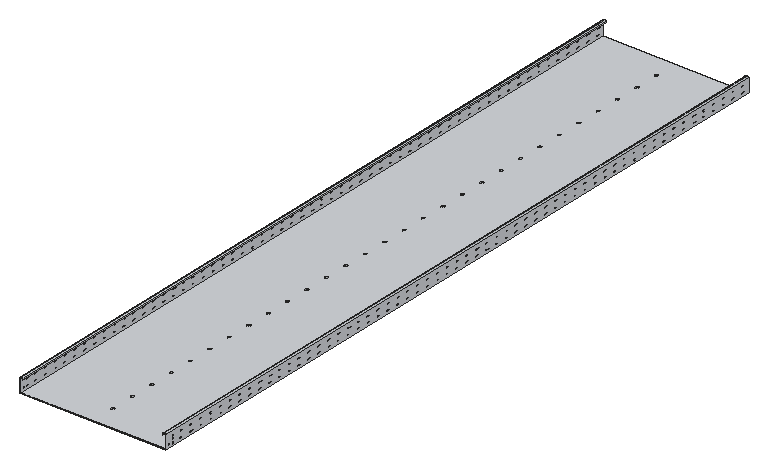
Revit family "Kabelrinne RKSM FT_615_620_630_640_650_660", category Generic Models, Revit 2017 (continued)
Dimensions and locks
  aligned and locked: plane 20 to cut or joined group 1 (Extrusion 1, Extrusion 5, Extrusion 8, Extrusion 10, Extrusion 11, Extrusion 13, Extrusion 14, Extrusion 15, Extrusion 16, Extrusion 17, Extrusion 18, Extrusion 19, Extrusion 20, Extrusion 21, Extrusion 22, Extrusion 23, Extrusion 24, Extrusion 25, Extrusion 26, Extrusion 27, Extrusion 28, Extrusion 29, Extrusion 30, Extrusion 31, Extrusion 32, Extrusion 33, Extrusion 34, Extrusion 35, Extrusion 36, Extrusion 37, Extrusion 38, Extrusion 39, Extrusion 40, Extrusion 41, Extrusion 42, Extrusion 43, Extrusion 44, Extrusion 45, Extrusion 46, Extrusion 47, Extrusion 48, Extrusion 49, Extrusion 50, Extrusion 51, Extrusion 52, Extrusion 53, Extrusion 54, Extrusion 55, Extrusion 56, Extrusion 57, Extrusion 58, Extrusion 59, Extrusion 60, Extrusion 61, Extrusion 62, Extrusion 63, Extrusion 64, Extrusion 65, Extrusion 66, Extrusion 67, Extrusion 68, Extrusion 69, Extrusion 70, Extrusion 71, Extrusion 72, Extrusion 73, Extrusion 74, Extrusion 75, Extrusion 76, Extrusion 77, Extrusion 78, Extrusion 79, Extrusion 80, Extrusion 81, Extrusion 82, Extrusion 83, Extrusion 84, Extrusion 85, Extrusion 86, Extrusion 87, Extrusion 88, Extrusion 89, Extrusion 90, Extrusion 91, Extrusion 92, Extrusion 93, Extrusion 94, Extrusion 95, Extrusion 96, Extrusion 97, Extrusion 98, Extrusion 99, Extrusion 100, Extrusion 101, Extrusion 102, Extrusion 103, Extrusion 104, Extrusion 105, Extrusion 106, Extrusion 107, Extrusion 108, Extrusion 109, Extrusion 110, Extrusion 111, Extrusion 112, Extrusion 113, Extrusion 114, Extrusion 115, Extrusion 116, Extrusion 117, Extrusion 118, Extrusion 119, Extrusion 120, Extrusion 121, Extrusion 122, Extrusion 123, Extrusion 124, Extrusion 125, Extrusion 126, Extrusion 127, Extrusion 128, Extrusion 129, Extrusion 130, Extrusion 131, Extrusion 132, Extrusion 133, Extrusion 134, Extrusion 135, Extrusion 136, Extrusion 137, Extrusion 138, Extrusion 139, Extrusion 140, Extrusion 141, Extrusion 142, Extrusion 143, Extrusion 144, Extrusion 145, Extrusion 146, Extrusion 147, Extrusion 148, Extrusion 149, Extrusion 150, Extrusion 151, Extrusion 152, Extrusion 153, Extrusion 154, Extrusion 155, Extrusion 156, Extrusion 157, Extrusion 158, Extrusion 159, Extrusion 160, Extrusion 161, Extrusion 162, Extrusion 163, Extrusion 164, Extrusion 165, Extrusion 166, Extrusion 167, Extrusion 168, Extrusion 169, Extrusion 170, Extrusion 171, Extrusion 172, Extrusion 173, Extrusion 174, Extrusion 175, Extrusion 176, Extrusion 177, Extrusion 178, Extrusion 179, Extrusion 180, Extrusion 181, Extrusion 182, Extrusion 183, Extrusion 184, Extrusion 185, Extrusion 186, Extrusion 187, Extrusion 188, Extrusion 189, Extrusion 190, Extrusion 191, Extrusion 192, Extrusion 193, Extrusion 194, Extrusion 195, Extrusion 196, Extrusion 197, Extrusion 198, Extrusion 199, Extrusion 200, Extrusion 201, Extrusion 202, Extrusion 203, Extrusion 204, Extrusion 205, Extrusion 206, Extrusion 207, Extrusion 208, Extrusion 209, Extrusion 210, Extrusion 211, Extrusion 212, Extrusion 213, Extrusion 214, Extrusion 215, Extrusion 216, Extrusion 217, Extrusion 218, Extrusion 219, Extrusion 220, Extrusion 221, Extrusion 222, Extrusion 223, Extrusion 224, Extrusion 225, Extrusion 226, Extrusion 227, Extrusion 228, Extrusion 229, Extrusion 230, Extrusion 231, Extrusion 232, Extrusion 233, Extrusion 234, Extrusion 235, Extrusion 236, Extrusion 237, Extrusion 238, Extrusion 239, Extrusion 240, Extrusion 241, Extrusion 242, Extrusion 243, Extrusion 244, Extrusion 245, Extrusion 246, Extrusion 247, Extrusion 248, Extrusion 249, Extrusion 250, Extrusion 251, Extrusion 252, Extrusion 253, Extrusion 254, Extrusion 255, Extrusion 256, Extrusion 257, Extrusion 258, Extrusion 259, Extrusion 260, Extrusion 261, Extrusion 262, Extrusion 263, Extrusion 264, Extrusion 265, Extrusion 266, Extrusion 267, Extrusion 268, Extrusion 269, Extrusion 270, Extrusion 271, Extrusion 272, Extrusion 273, Extrusion 274, Extrusion 275, Extrusion 276, Extrusion 277)
  aligned and locked: plane 19 to cut or joined group 1
  aligned and locked: plane 20 to plane 18
  aligned and locked: plane 21 to Extrusion 275
  aligned and locked: plane 22 to Extrusion 275
  aligned and locked: plane 21 to cut or joined group 1
  aligned and locked: plane 22 to cut or joined group 1
  aligned and locked: plane 22 to plane 19
  aligned and locked: plane 24 to Extrusion 276
  aligned and locked: plane 23 to Extrusion 276
  aligned and locked: plane 24 to cut or joined group 1
  aligned and locked: plane 23 to cut or joined group 1
  aligned and locked: plane 23 to plane 14
  aligned and locked: plane 25 to Extrusion 277
  aligned and locked: cut or joined group 1 to plane 25
  aligned and locked: plane 26 to cut or joined group 1
Automatic sketch dimensions
  Extrusion 1 sketch curve to Extrusion 1 sketch curve = 0 mm  (x3)
  plane 5 to Extrusion 1 sketch curve = 3.088 mm
  Extrusion 1 sketch curve to Extrusion 1 sketch curve = 3.218 mm
  Extrusion 2 sketch curve to Extrusion 2 sketch curve = 25 mm
  Extrusion 3 sketch curve to Extrusion 3 sketch curve = 25 mm
  Extrusion 4 sketch curve to Extrusion 4 sketch curve = 13 mm
  Extrusion 6 sketch curve to Extrusion 6 sketch curve = 13 mm
  Extrusion 7 sketch curve to Extrusion 7 sketch curve = 13 mm
  Extrusion 5 sketch curve to Extrusion 5 sketch curve = 13 mm
  Extrusion 8 sketch curve to Extrusion 8 sketch curve = 13 mm
  Extrusion 9 sketch curve to Extrusion 9 sketch curve = 13 mm
  Extrusion 10 sketch curve to Extrusion 10 sketch curve = 13 mm
  Extrusion 11 sketch curve to Extrusion 11 sketch curve = 13 mm
  Extrusion 12 sketch curve to Extrusion 12 sketch curve = 13 mm
  Extrusion 13 sketch curve to Extrusion 13 sketch curve = 13 mm
  Extrusion 14 sketch curve to Extrusion 14 sketch curve = 13 mm
  Extrusion 15 sketch curve to Extrusion 15 sketch curve = 13 mm
  Extrusion 16 sketch curve to Extrusion 16 sketch curve = 13 mm
  Extrusion 17 sketch curve to Extrusion 17 sketch curve = 13 mm
  Extrusion 18 sketch curve to Extrusion 18 sketch curve = 13 mm
  Extrusion 19 sketch curve to Extrusion 19 sketch curve = 13 mm
  Extrusion 20 sketch curve to Extrusion 20 sketch curve = 13 mm
  Extrusion 21 sketch curve to Extrusion 21 sketch curve = 13 mm
  Extrusion 22 sketch curve to Extrusion 22 sketch curve = 13 mm
  Extrusion 23 sketch curve to Extrusion 23 sketch curve = 13 mm
  Extrusion 24 sketch curve to Extrusion 24 sketch curve = 13 mm
  Extrusion 25 sketch curve to Extrusion 25 sketch curve = 13 mm
  Extrusion 26 sketch curve to Extrusion 26 sketch curve = 13 mm
  Extrusion 27 sketch curve to Extrusion 27 sketch curve = 13 mm
  Extrusion 28 sketch curve to Extrusion 28 sketch curve = 13 mm
  Extrusion 29 sketch curve to Extrusion 29 sketch curve = 13 mm
  Extrusion 30 sketch curve to Extrusion 30 sketch curve = 13 mm
  Extrusion 31 sketch curve to Extrusion 31 sketch curve = 13 mm
  Extrusion 32 sketch curve to Extrusion 32 sketch curve = 13 mm
  Extrusion 33 sketch curve to Extrusion 33 sketch curve = 13 mm
  Extrusion 34 sketch curve to Extrusion 34 sketch curve = 13 mm
  Extrusion 35 sketch curve to Extrusion 35 sketch curve = 13 mm
  Extrusion 36 sketch curve to Extrusion 36 sketch curve = 13 mm
  Extrusion 37 sketch curve to Extrusion 37 sketch curve = 13 mm
  Extrusion 38 sketch curve to Extrusion 38 sketch curve = 13 mm
  Extrusion 39 sketch curve to Extrusion 39 sketch curve = 13 mm
  Extrusion 40 sketch curve to Extrusion 40 sketch curve = 13 mm
  Extrusion 41 sketch curve to Extrusion 41 sketch curve = 13 mm
  Extrusion 42 sketch curve to Extrusion 42 sketch curve = 13 mm
  Extrusion 43 sketch curve to Extrusion 43 sketch curve = 13 mm
  Extrusion 44 sketch curve to Extrusion 44 sketch curve = 13 mm
  Extrusion 45 sketch curve to Extrusion 45 sketch curve = 13 mm
  Extrusion 46 sketch curve to Extrusion 46 sketch curve = 13 mm
  Extrusion 47 sketch curve to Extrusion 47 sketch curve = 13 mm
  Extrusion 48 sketch curve to Extrusion 48 sketch curve = 13 mm
  Extrusion 49 sketch curve to Extrusion 49 sketch curve = 13 mm
  Extrusion 50 sketch curve to Extrusion 50 sketch curve = 13 mm
  Extrusion 51 sketch curve to Extrusion 51 sketch curve = 13 mm
  Extrusion 52 sketch curve to Extrusion 52 sketch curve = 13 mm
  Extrusion 53 sketch curve to Extrusion 53 sketch curve = 13 mm
  Extrusion 54 sketch curve to Extrusion 54 sketch curve = 13 mm
  Extrusion 55 sketch curve to Extrusion 55 sketch curve = 13 mm
  Extrusion 56 sketch curve to Extrusion 56 sketch curve = 13 mm
  Extrusion 57 sketch curve to Extrusion 57 sketch curve = 13 mm
  Extrusion 58 sketch curve to Extrusion 58 sketch curve = 13 mm
  Extrusion 59 sketch curve to Extrusion 59 sketch curve = 13 mm
  Extrusion 60 sketch curve to Extrusion 60 sketch curve = 13 mm
  Extrusion 61 sketch curve to Extrusion 61 sketch curve = 13 mm
  Extrusion 62 sketch curve to Extrusion 62 sketch curve = 13 mm
  Extrusion 63 sketch curve to Extrusion 63 sketch curve = 13 mm
  Extrusion 64 sketch curve to Extrusion 64 sketch curve = 13 mm
  Extrusion 65 sketch curve to Extrusion 65 sketch curve = 13 mm
  Extrusion 66 sketch curve to Extrusion 66 sketch curve = 13 mm
  Extrusion 67 sketch curve to Extrusion 67 sketch curve = 13 mm
  Extrusion 68 sketch curve to Extrusion 68 sketch curve = 13 mm
  Extrusion 69 sketch curve to Extrusion 69 sketch curve = 13 mm
  Extrusion 70 sketch curve to Extrusion 70 sketch curve = 13 mm
  Extrusion 71 sketch curve to Extrusion 71 sketch curve = 13 mm
  Extrusion 72 sketch curve to Extrusion 72 sketch curve = 13 mm
  Extrusion 73 sketch curve to Extrusion 73 sketch curve = 13 mm
  Extrusion 74 sketch curve to Extrusion 74 sketch curve = 13 mm
  Extrusion 75 sketch curve to Extrusion 75 sketch curve = 13 mm
  Extrusion 76 sketch curve to Extrusion 76 sketch curve = 13 mm
  Extrusion 77 sketch curve to Extrusion 77 sketch curve = 13 mm
  Extrusion 78 sketch curve to Extrusion 78 sketch curve = 13 mm
  Extrusion 79 sketch curve to Extrusion 79 sketch curve = 13 mm
  Extrusion 80 sketch curve to Extrusion 80 sketch curve = 13 mm
  Extrusion 81 sketch curve to Extrusion 81 sketch curve = 13 mm
  Extrusion 82 sketch curve to Extrusion 82 sketch curve = 13 mm
  Extrusion 83 sketch curve to Extrusion 83 sketch curve = 13 mm
  Extrusion 84 sketch curve to Extrusion 84 sketch curve = 13 mm
  Extrusion 85 sketch curve to Extrusion 85 sketch curve = 13 mm
  Extrusion 86 sketch curve to Extrusion 86 sketch curve = 13 mm
  Extrusion 87 sketch curve to Extrusion 87 sketch curve = 13 mm
  Extrusion 88 sketch curve to Extrusion 88 sketch curve = 13 mm
  Extrusion 89 sketch curve to Extrusion 89 sketch curve = 13 mm
  Extrusion 90 sketch curve to Extrusion 90 sketch curve = 13 mm
  Extrusion 91 sketch curve to Extrusion 91 sketch curve = 13 mm
  Extrusion 92 sketch curve to Extrusion 92 sketch curve = 13 mm
  Extrusion 93 sketch curve to Extrusion 93 sketch curve = 13 mm
  Extrusion 94 sketch curve to Extrusion 94 sketch curve = 13 mm
  Extrusion 95 sketch curve to Extrusion 95 sketch curve = 13 mm
  Extrusion 96 sketch curve to Extrusion 96 sketch curve = 13 mm
  Extrusion 97 sketch curve to Extrusion 97 sketch curve = 13 mm
  Extrusion 98 sketch curve to Extrusion 98 sketch curve = 13 mm
  Extrusion 99 sketch curve to Extrusion 99 sketch curve = 13 mm
  Extrusion 100 sketch curve to Extrusion 100 sketch curve = 13 mm
  Extrusion 101 sketch curve to Extrusion 101 sketch curve = 13 mm
  Extrusion 102 sketch curve to Extrusion 102 sketch curve = 13 mm
  Extrusion 103 sketch curve to Extrusion 103 sketch curve = 13 mm
  Extrusion 104 sketch curve to Extrusion 104 sketch curve = 13 mm
  Extrusion 105 sketch curve to Extrusion 105 sketch curve = 13 mm
  Extrusion 106 sketch curve to Extrusion 106 sketch curve = 13 mm
  Extrusion 107 sketch curve to Extrusion 107 sketch curve = 13 mm
  Extrusion 108 sketch curve to Extrusion 108 sketch curve = 13 mm
  Extrusion 109 sketch curve to Extrusion 109 sketch curve = 13 mm
  Extrusion 110 sketch curve to Extrusion 110 sketch curve = 13 mm
  Extrusion 111 sketch curve to Extrusion 111 sketch curve = 13 mm
  Extrusion 112 sketch curve to Extrusion 112 sketch curve = 13 mm
  Extrusion 113 sketch curve to Extrusion 113 sketch curve = 13 mm
  Extrusion 114 sketch curve to Extrusion 114 sketch curve = 13 mm
  Extrusion 115 sketch curve to Extrusion 115 sketch curve = 13 mm
  Extrusion 116 sketch curve to Extrusion 116 sketch curve = 13 mm
  Extrusion 117 sketch curve to Extrusion 117 sketch curve = 13 mm
  Extrusion 118 sketch curve to Extrusion 118 sketch curve = 13 mm
  Extrusion 119 sketch curve to Extrusion 119 sketch curve = 13 mm
  Extrusion 120 sketch curve to Extrusion 120 sketch curve = 13 mm
  Extrusion 121 sketch curve to Extrusion 121 sketch curve = 13 mm
  Extrusion 122 sketch curve to Extrusion 122 sketch curve = 13 mm
  Extrusion 123 sketch curve to Extrusion 123 sketch curve = 13 mm
  Extrusion 124 sketch curve to Extrusion 124 sketch curve = 13 mm
  Extrusion 125 sketch curve to Extrusion 125 sketch curve = 13 mm
  Extrusion 126 sketch curve to Extrusion 126 sketch curve = 13 mm
  Extrusion 127 sketch curve to Extrusion 127 sketch curve = 13 mm
  Extrusion 128 sketch curve to Extrusion 128 sketch curve = 13 mm
  Extrusion 129 sketch curve to Extrusion 129 sketch curve = 13 mm
  Extrusion 130 sketch curve to Extrusion 130 sketch curve = 13 mm
  Extrusion 131 sketch curve to Extrusion 131 sketch curve = 13 mm
  Extrusion 132 sketch curve to Extrusion 132 sketch curve = 13 mm
  Extrusion 133 sketch curve to Extrusion 133 sketch curve = 13 mm
  Extrusion 134 sketch curve to Extrusion 134 sketch curve = 13 mm
  Extrusion 135 sketch curve to Extrusion 135 sketch curve = 13 mm
  Extrusion 136 sketch curve to Extrusion 136 sketch curve = 13 mm
  Extrusion 137 sketch curve to Extrusion 137 sketch curve = 13 mm
  Extrusion 138 sketch curve to Extrusion 138 sketch curve = 13 mm
  Extrusion 139 sketch curve to Extrusion 139 sketch curve = 13 mm
  Extrusion 140 sketch curve to Extrusion 140 sketch curve = 13 mm
  Extrusion 141 sketch curve to Extrusion 141 sketch curve = 13 mm
  Extrusion 142 sketch curve to Extrusion 142 sketch curve = 13 mm
  Extrusion 143 sketch curve to Extrusion 143 sketch curve = 13 mm
  Extrusion 144 sketch curve to Extrusion 144 sketch curve = 13 mm
  Extrusion 145 sketch curve to Extrusion 145 sketch curve = 13 mm
  Extrusion 146 sketch curve to Extrusion 146 sketch curve = 13 mm
  Extrusion 147 sketch curve to Extrusion 147 sketch curve = 13 mm
  Extrusion 148 sketch curve to Extrusion 148 sketch curve = 13 mm
  Extrusion 149 sketch curve to Extrusion 149 sketch curve = 13 mm
  Extrusion 150 sketch curve to Extrusion 150 sketch curve = 13 mm
  Extrusion 151 sketch curve to Extrusion 151 sketch curve = 13 mm
  Extrusion 152 sketch curve to Extrusion 152 sketch curve = 13 mm
  Extrusion 153 sketch curve to Extrusion 153 sketch curve = 13 mm
  Extrusion 154 sketch curve to Extrusion 154 sketch curve = 13 mm
  Extrusion 155 sketch curve to Extrusion 155 sketch curve = 13 mm
  Extrusion 156 sketch curve to Extrusion 156 sketch curve = 13 mm
  Extrusion 157 sketch curve to Extrusion 157 sketch curve = 13 mm
  Extrusion 158 sketch curve to Extrusion 158 sketch curve = 13 mm
  Extrusion 159 sketch curve to Extrusion 159 sketch curve = 13 mm
  Extrusion 160 sketch curve to Extrusion 160 sketch curve = 13 mm
  Extrusion 161 sketch curve to Extrusion 161 sketch curve = 13 mm
  Extrusion 162 sketch curve to Extrusion 162 sketch curve = 13 mm
  Extrusion 163 sketch curve to Extrusion 163 sketch curve = 13 mm
  Extrusion 164 sketch curve to Extrusion 164 sketch curve = 13 mm
  Extrusion 165 sketch curve to Extrusion 165 sketch curve = 13 mm
  Extrusion 166 sketch curve to Extrusion 166 sketch curve = 13 mm
  Extrusion 167 sketch curve to Extrusion 167 sketch curve = 13 mm
  Extrusion 168 sketch curve to Extrusion 168 sketch curve = 13 mm
  Extrusion 169 sketch curve to Extrusion 169 sketch curve = 13 mm
  Extrusion 170 sketch curve to Extrusion 170 sketch curve = 13 mm
  Extrusion 171 sketch curve to Extrusion 171 sketch curve = 13 mm
  Extrusion 172 sketch curve to Extrusion 172 sketch curve = 13 mm
  Extrusion 173 sketch curve to Extrusion 173 sketch curve = 13 mm
  Extrusion 174 sketch curve to Extrusion 174 sketch curve = 13 mm
  Extrusion 175 sketch curve to Extrusion 175 sketch curve = 13 mm
  Extrusion 176 sketch curve to Extrusion 176 sketch curve = 13 mm
  Extrusion 177 sketch curve to Extrusion 177 sketch curve = 13 mm
  Extrusion 178 sketch curve to Extrusion 178 sketch curve = 13 mm
  Extrusion 179 sketch curve to Extrusion 179 sketch curve = 13 mm
  Extrusion 180 sketch curve to Extrusion 180 sketch curve = 13 mm
  Extrusion 181 sketch curve to Extrusion 181 sketch curve = 13 mm
  Extrusion 182 sketch curve to Extrusion 182 sketch curve = 13 mm
  Extrusion 183 sketch curve to Extrusion 183 sketch curve = 13 mm
  Extrusion 184 sketch curve to Extrusion 184 sketch curve = 13 mm
  Extrusion 185 sketch curve to Extrusion 185 sketch curve = 13 mm
  Extrusion 186 sketch curve to Extrusion 186 sketch curve = 13 mm
  Extrusion 187 sketch curve to Extrusion 187 sketch curve = 13 mm
  Extrusion 188 sketch curve to Extrusion 188 sketch curve = 13 mm
  Extrusion 189 sketch curve to Extrusion 189 sketch curve = 13 mm
  Extrusion 190 sketch curve to Extrusion 190 sketch curve = 13 mm
  Extrusion 191 sketch curve to Extrusion 191 sketch curve = 13 mm
  Extrusion 192 sketch curve to Extrusion 192 sketch curve = 13 mm
  Extrusion 193 sketch curve to Extrusion 193 sketch curve = 13 mm
  Extrusion 194 sketch curve to Extrusion 194 sketch curve = 13 mm
  Extrusion 195 sketch curve to Extrusion 195 sketch curve = 13 mm
  Extrusion 196 sketch curve to Extrusion 196 sketch curve = 13 mm
  Extrusion 197 sketch curve to Extrusion 197 sketch curve = 13 mm
  Extrusion 198 sketch curve to Extrusion 198 sketch curve = 13 mm
  Extrusion 199 sketch curve to Extrusion 199 sketch curve = 13 mm
  Extrusion 200 sketch curve to Extrusion 200 sketch curve = 13 mm
  Extrusion 201 sketch curve to Extrusion 201 sketch curve = 13 mm
  Extrusion 202 sketch curve to Extrusion 202 sketch curve = 13 mm
  Extrusion 203 sketch curve to Extrusion 203 sketch curve = 13 mm
  Extrusion 204 sketch curve to Extrusion 204 sketch curve = 13 mm
  Extrusion 205 sketch curve to Extrusion 205 sketch curve = 13 mm
  Extrusion 206 sketch curve to Extrusion 206 sketch curve = 13 mm
  Extrusion 207 sketch curve to Extrusion 207 sketch curve = 13 mm
  Extrusion 208 sketch curve to Extrusion 208 sketch curve = 13 mm
  Extrusion 209 sketch curve to Extrusion 209 sketch curve = 13 mm
  Extrusion 210 sketch curve to Extrusion 210 sketch curve = 13 mm
  Extrusion 211 sketch curve to Extrusion 211 sketch curve = 13 mm
  Extrusion 212 sketch curve to Extrusion 212 sketch curve = 13 mm
  Extrusion 213 sketch curve to Extrusion 213 sketch curve = 13 mm
  Extrusion 214 sketch curve to Extrusion 214 sketch curve = 13 mm
  Extrusion 215 sketch curve to Extrusion 215 sketch curve = 13 mm
  Extrusion 216 sketch curve to Extrusion 216 sketch curve = 13 mm
  Extrusion 217 sketch curve to Extrusion 217 sketch curve = 13 mm
  Extrusion 218 sketch curve to Extrusion 218 sketch curve = 13 mm
  Extrusion 219 sketch curve to Extrusion 219 sketch curve = 13 mm
  Extrusion 220 sketch curve to Extrusion 220 sketch curve = 13 mm
  Extrusion 221 sketch curve to Extrusion 221 sketch curve = 13 mm
  Extrusion 222 sketch curve to Extrusion 222 sketch curve = 13 mm
  Extrusion 223 sketch curve to Extrusion 223 sketch curve = 13 mm
  Extrusion 224 sketch curve to Extrusion 224 sketch curve = 13 mm
  Extrusion 225 sketch curve to Extrusion 225 sketch curve = 13 mm
  Extrusion 226 sketch curve to Extrusion 226 sketch curve = 13 mm
  Extrusion 227 sketch curve to Extrusion 227 sketch curve = 13 mm
  Extrusion 228 sketch curve to Extrusion 228 sketch curve = 13 mm
  Extrusion 229 sketch curve to Extrusion 229 sketch curve = 13 mm
  Extrusion 230 sketch curve to Extrusion 230 sketch curve = 13 mm
  Extrusion 231 sketch curve to Extrusion 231 sketch curve = 13 mm
  Extrusion 232 sketch curve to Extrusion 232 sketch curve = 13 mm
  Extrusion 233 sketch curve to Extrusion 233 sketch curve = 13 mm
  Extrusion 234 sketch curve to Extrusion 234 sketch curve = 13 mm
  Extrusion 235 sketch curve to Extrusion 235 sketch curve = 13 mm
  Extrusion 236 sketch curve to Extrusion 236 sketch curve = 13 mm
  Extrusion 237 sketch curve to Extrusion 237 sketch curve = 13 mm
  Extrusion 238 sketch curve to Extrusion 238 sketch curve = 13 mm
  Extrusion 239 sketch curve to Extrusion 239 sketch curve = 13 mm
  Extrusion 240 sketch curve to Extrusion 240 sketch curve = 13 mm
  Extrusion 270 sketch curve to Extrusion 270 sketch curve = 8 mm
  level to Extrusion 271 sketch curve = 16 mm
  Extrusion 273 sketch curve to Extrusion 273 sketch curve = 0 mm
Types (8, lengths in mm): name | Width 1 | Width | Manufacturer Art.No. | GTIN | Article Type
  (no name) | 300 | 600 | "6047736" | "4012195903994" | "RKSM 660 FT"
  RKSM 610 FT | 50 | 100 | "6047612" | "4012195903895" | "RKSM 610 FT"
  RKSM 615 FT | 75 | 150 | "6047631" | "4012195903901" | "RKSM 615 FT"
  RKSM 620 FT | 100 | 200 | "6047639" | "4012195903932" | "RKSM 620 FT"
  RKSM 630 FT | 150 | 300 | "6047655" | "4012195903949" | "RKSM 630 FT"
  RKSM 640 FT | 200 | 400 | "6047690" | "4012195903956" | "RKSM 640 FT"
  RKSM 650 FT | 250 | 500 | "6047720" | "4012195903963" | "RKSM 650 FT"
  RKSM 660 FT | 300 | 600 | "6047736" | "4012195903994" | "RKSM 660 FT"
